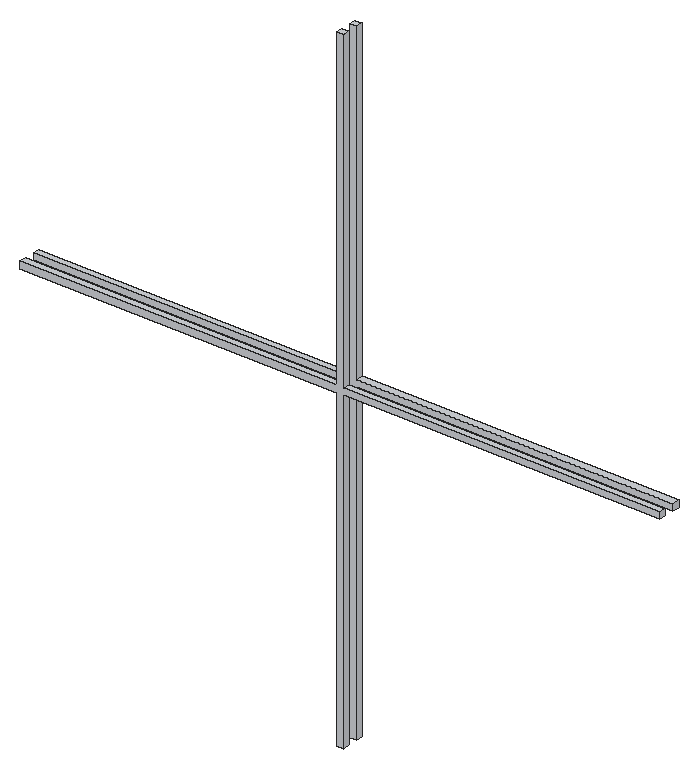
Revit family "32035ada4dcf457180c63040aa08a8e3", category Generic Models, Revit 2021
Family settings
  Can host rebar = No
  Round Connector Dimension = Use Diameter
  Part Type = Normal
  Work Plane-Based = No
  Always vertical = Yes
  Cut with Voids When Loaded = No
  Shared = Yes
  Room Calculation Point = No
Parameters
  Width [instance] = 4' - 0"
  Thickness = 0' - 0 1/2"
  Height [instance] = 4' - 0"
  Interior Material [instance] = none
  Exterior Material [instance] = none
  Distance = 0' - 0 3/4"
  Default Elevation = 0' - 0"
Reference planes (in)
  plane 1 "Center (Front/Back)": y = 0
  plane 2: z = 0
  plane 3 "Center (Left/Right)": x = 0
  plane 4: z = 48
  plane 5: x = -24
  plane 6: x = 24
  plane 7: z = 24
  plane 8: y = 0.375
  plane 9: y = 0.875
  plane 10: y = -0.375
  plane 11: y = -0.875
Forms (in)
  Extrusion 1, solid, material <- "Interior Material", detail levels fine
    sketch origin (0, 0, 0) x (1, 0, 0) y (0, 0, 1)
      loop
        line (-24, 24.25) -> (-24, 23.75) -> (-0.25, 23.75) -> (-0.25, 0) -> (0.25, 0) -> (0.25, 23.75) -> (24, 23.75) -> (24, 24.25) -> (0.25, 24.25) -> (0.25, 48) -> (-0.25, 48) -> (-0.25, 24.25) -> (-24, 24.25)
    from 0.375 to 0.875
  Extrusion 2, solid, material <- "Exterior Material", detail levels fine
    sketch origin (0, 0, 0) x (1, 0, 0) y (0, 0, -1)
      loop
        line (-24, -24.25) -> (-0.25, -24.25) -> (-0.25, -48) -> (0.25, -48) -> (0.25, -24.25) -> (24, -24.25) -> (24, -23.75) -> (0.25, -23.75) -> (0.25, 0) -> (-0.25, 0) -> (-0.25, -23.75) -> (-24, -23.75) -> (-24, -24.25)
    from 0.375 to 0.875
Lines and regions (in)
  model lines, detail levels medium
    curve 1: line (0, 0.375, 48) -> (0, 0.375, 0)
    curve 2: line (-24, -0.375, 24) -> (24, -0.375, 24)
    curve 3: line (-24, 0.375, 24) -> (24, 0.375, 24)
    curve 4: line (0, -0.375, 48) -> (0, -0.375, 0)
Dimensions and locks (in)
  equal spacing: plane 6, plane 3 "Center (Left/Right)", plane 5
  "Width": plane 6 to plane 5
  "Height": plane 4 to plane 2
  equal spacing: plane 4, plane 7, plane 2
  locked: plane 3 "Center (Left/Right)" to Extrusion 1 sketch curve at 0.25  (x4)
  locked: Extrusion 1 sketch curve to plane 7 at 0.25  (x2)
  locked: plane 7 to Extrusion 1 sketch curve at 0.25  (x2)
  "Thickness": plane 9 to plane 8
  "Thickness": plane 10 to plane 11
  "Distance": plane 8 to plane 10
  equal spacing: plane 8, plane 1 "Center (Front/Back)", plane 10
  aligned and locked: plane 2 to level
  aligned and locked: plane 4 to curve 1
  aligned and locked: plane 5 to curve 2
  aligned and locked: plane 2 to curve 1
  aligned and locked: plane 6 to curve 2
  aligned and locked: Extrusion 1 sketch curve to plane 4
  aligned and locked: Extrusion 1 sketch curve to plane 6
  aligned and locked: Extrusion 1 sketch curve to plane 5
  aligned and locked: Extrusion 1 sketch curve to level
  aligned and locked: Extrusion 1 to plane 11
  aligned and locked: plane 10 to Extrusion 1
  aligned and locked: Extrusion 2 to plane 5
  aligned and locked: plane 6 to Extrusion 2
  aligned and locked: Extrusion 2 to plane 8
  aligned and locked: plane 9 to Extrusion 2
  aligned and locked: Extrusion 2 to plane 2
  aligned and locked: plane 4 to Extrusion 2
  aligned and locked: plane 5 to curve 3
  aligned and locked: plane 6 to curve 3
  aligned and locked: plane 4 to curve 4
  aligned and locked: plane 2 to curve 4
  aligned and locked: plane 8 to curve 3
Automatic sketch dimensions
  curve 2 to plane 7 = 0' - 0"
  Extrusion 2 sketch curve to plane 5 = 0' - 0"
  Extrusion 2 sketch curve to level = 0' - 0"
  Extrusion 2 sketch curve to plane 4 = 0' - 0"
  Extrusion 2 sketch curve to plane 6 = 0' - 0"
  Extrusion 2 sketch curve to plane 3 "Center (Left/Right)" = 0' - 0 1/4"  (x2)
  plane 3 "Center (Left/Right)" to Extrusion 2 sketch curve = 0' - 0 1/4"  (x2)
  plane 7 to Extrusion 2 sketch curve = 0' - 0 1/4"  (x2)
  Extrusion 2 sketch curve to plane 7 = 0' - 0 1/4"  (x2)
  curve 4 to plane 3 "Center (Left/Right)" = 0' - 0"
  curve 4 to level = 0' - 0"
  curve 4 to plane 4 = 0' - 0"
  curve 3 to plane 6 = 0' - 0"
  curve 1 to plane 3 "Center (Left/Right)" = 0' - 0"
  curve 3 to plane 5 = 0' - 0"
  curve 3 to plane 7 = 0' - 0"
